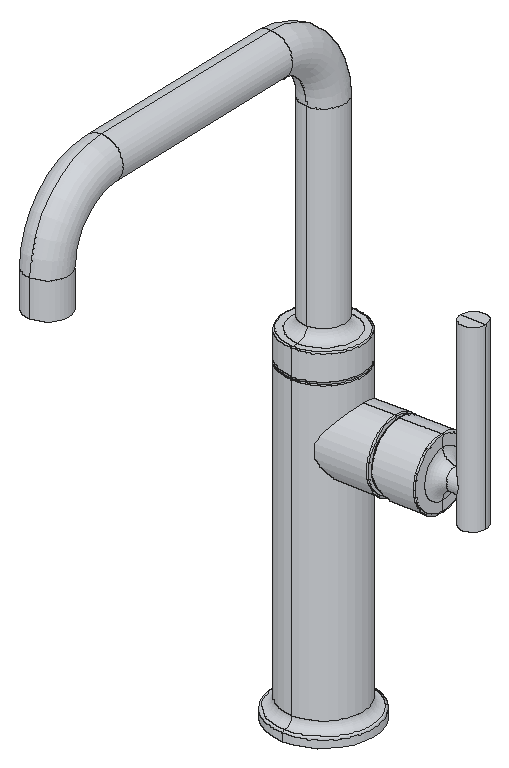
Revit family "Faucet-Kitchen-KOHLER-Purist-K-14598M", category Plumbing Fixtures, host Face, Revit 2017
Family settings
  Host = Face
  Round Connector Dimension = Use Diameter
  Part Type = Normal
  OmniClass Number = 23.31.11.00
  OmniClass Title = Faucets
  Cut with Voids When Loaded = No
  Shared = No
  Room Calculation Point = No
Parameters (values of type "CP-Polished Chrome")
  Width = 2.04724"  # constant formula
  WaterSense Certified = 1 = 0  # no
  Waste Water Outlet = "Waste Water Outlet"  # constant formula
  Waste Connection = 1 = 0  # no
  Vent Connection = 1 = 0  # no
  URL = "https://la.kohler.com/es?country=MX"
  Type = 1
  Spout Reach = 7.00787"  # constant formula
  Product Page URL = "https://la.kohler.com/es/product-detail/14598m-4?skuid=K-14598M-4-CP"
  Product Name = "Purist"  # constant formula
  Product Documentation Link = "http://resources.kohler.com/plumbing/kohlerla/pdf/14598%20Purist%20Spec%20Sheet.pdf"
  Pressure = 0.00 psi
  Model = "K-14598M-4-CP"  # constant formula
  Material = "Premium Metal Construction"  # constant formula
  Master Format 2014 Name = "Residential Faucets, Supplies, and Trim"  # constant formula
  Master Format 2014 = "22 41 39"  # constant formula
  Manufacturer Address = "444 Highland Dr, Kohler, WI 53044"  # constant formula
  Manufacturer = "KOHLER Co."  # constant formula
  Length = Spout Reach  # 7.00787"
  Hot Water Inlet = "Hot Water Inlet"  # constant formula
  Height = 13.0315"  # constant formula
  Handle Clearance = 2.99213"  # constant formula
  HW Connection = 1 = 1  # yes
  Flow Rate = 0 GPM
  Finish = Kohler-Metal-CP-Polished_Chrome
  Environmental Product Declaration = ""
  Drain Included = 1 = 1  # yes
  Description = "Single-Handle Kitchen Dishwasher Faucet with Side Handle"  # constant formula
  Default Elevation = 36"
  Declare Label = ""
  Date Modified = "10/19/2020"  # constant formula
  Date Created = "10/19/2020"  # constant formula
  Copyright = "Copyright KOHLER Co."  # constant formula
  Contact Us = "https://la.kohler.com/es/contact-us-page"
  Cold Water Inlet = "Cold Water Inlet"  # constant formula
  CW Connection = 1 = 1  # yes
  Assembly Code = "D2010"
  ADA Compliant = 1 = 0  # no
Reference planes (in)
  plane 1 "Center (Front/Back)": y = 0
  plane 2: z = 0
  plane 3 "Center (Left/Right)": x = 0
  plane 4: y = -1.02354
  plane 5: y = 1.0237
  plane 6: z = 10.48898
  plane 7: y = -7.00787
  plane 8: x = 3.03543
  plane 9: z = 5.26189
  plane 10: z = 8.25402
  plane 11: x = -0.79861
  plane 12: x = 0.79861
  plane 13: y = 0.71262
  plane 14: y = -0.71262
  plane 15: x = 0.4502
  plane 16: x = -0.4502
  plane 17: z = 13.0315
  plane 18: x = -1.02354
  plane 19: x = 1.0237
  plane 20: z = 4.55323
Dimensions and locks (in)
  "Spout Reach": plane 1 "Center (Front/Back)" to plane 7
  locked: level to plane 6 at 10.48898
  locked: plane 8 to plane 3 "Center (Left/Right)" at 3.03543
  locked: plane 13 to plane 14 at 1.42524
  "Height": plane 17 to level
  "Width": plane 18 to plane 19
  locked: plane 10 to plane 20 at 3.70079
  "Handle Clearance": plane 10 to plane 9
  aligned and locked: plane 2 to host face
  aligned and locked: level to host face
Automatic sketch dimensions
  host sketch curve to host sketch curve = 96"  (x2)
Nested families (in)
  nested 1: "K-14598M" at (0, 0, 0), type "K-14598M"
Connectors (in)
  piping at (0.45024, -0.00284, 0), diameter 0.5, driven by "CW Connection", driven by "Cold Water Inlet"
    settings: on nested 1, index 1, connector inside diameter 24", connector length 0", flow factor 0, pipe flow 0 GPM, pressure drop 0.00 psi, fitting loss kfactor 0, connector angle 0.00°, fixture units 0, engagement length 0", angle of deflection 0.00°, flow configuration 0, flow direction 1, fitting loss method 0, system type 20, joint type 0, gender type 0, connector reference index -1, connector utility 1, adjustable connector no, is connector primary yes, connector description "Cold Water Inlet"
  piping at (-0.45024, -0.00284, 0), diameter 0.5, driven by "HW Connection", driven by "Hot Water Inlet"
    settings: on nested 1, index 2, connector inside diameter 24", connector length 0", flow factor 0, pipe flow 0 GPM, pressure drop 0.00 psi, fitting loss kfactor 0, connector angle 0.00°, fixture units 0, engagement length 0", angle of deflection 0.00°, flow configuration 0, flow direction 1, fitting loss method 0, system type 19, joint type 0, gender type 0, connector reference index -1, connector utility 1, adjustable connector no, is connector primary no, connector description "Hot Water Inlet"
Definition of nested family "K-14598M"
  Parameters (values of type "K-14598M")
    Material = none
  Reference planes (in)
    plane 1 "Center (Front/Back)": y = 0
    plane 2: z = 0
    plane 3 "Center (Left/Right)": x = 0
    plane 4: y = -7
    plane 5: z = 10.48898
    plane 6: y = 1.02354
    plane 7: y = -1.02354
    plane 8: x = 3.03543
    plane 9: z = 8.27559
    plane 10: z = 4.56299
  Forms (in)
    Revolve 1, solid, material <- "Material", detail levels medium+fine
      sketch origin (0, 0, 0) x (0, 1, 0) y (0, 0, 1)
        loop
          line (1.02354, 0) -> (1.02354, 0.14895)
          arc (1.02354, 0.14895) -> (1.01183, 0.17723) -> (0.98355, 0.18894) r 0.03999
          arc (0.98355, 0.18894) -> (0.85323, 0.24292) -> (0.79925, 0.37325) r 0.18431
          line (0.79925, 0.37325) -> (0.79925, 6.4592)
          arc (0.79925, 6.4592) -> (0.79617, 6.47486) -> (0.7874, 6.48819) r 0.04139
          arc (0.7874, 6.48819) -> (0.79616, 6.5028) -> (0.79921, 6.51956) r 0.04758
          line (0.79921, 6.51956) -> (0.79921, 7.03949)
          arc (0.79921, 7.03949) -> (0.79348, 7.05332) -> (0.77964, 7.05906) r 0.01957
          line (0.77964, 7.05906) -> (0.63863, 7.05906)
          arc (0.63863, 7.05906) -> (0.47245, 7.12789) -> (0.40362, 7.29406) r 0.235
          line (0.40362, 7.29406) -> (0, 7.29406) -> (0, 0) -> (1.02354, 0)
        axis (0, 7.29406) -> (0, 0)
      angle from 0 to 360
    Sweep 2, solid, material <- "Material", detail levels medium+fine
      path origin (0, 0, 0) x (0, 1, 0) y (0, 0, 1)
        loop
          line (0, 7.29406) -> (0, 11.2794)
          arc (0, 11.2794) -> (-0.38998, 12.22089) -> (-1.33147, 12.61087) r 1.33147
          line (-1.33147, 12.61087) -> (-5.62205, 12.61087)
          arc (-5.62205, 12.61087) -> (-6.59641, 12.20728) -> (-7, 11.23292) r 1.37795
          line (-7, 11.23292) -> (-7, 10.48898)
      profile origin (0, 0, 9.28673) x (0, -1, 0) y (1, 0, 0)
        loop
          circle (0, 0) r 0.43307
    Revolve 3, solid, material <- "Material", detail levels medium+fine
      sketch origin (0, 0, 0) x (1, 0, 0) y (0, 0, 1)
        loop
          line (0.16804, 5.98031) -> (0.16804, 5.26772) -> (1.77542, 5.26772) -> (1.77542, 5.79839) -> (1.61944, 5.79839)
          arc (1.61944, 5.79839) -> (1.54328, 5.82661) -> (1.50389, 5.89764) r 0.11689
          line (1.50389, 5.89764) -> (1.46457, 5.89764) -> (1.46457, 5.96029)
          arc (1.46457, 5.96029) -> (1.4587, 5.97444) -> (1.44454, 5.98031) r 0.02002
          line (1.44454, 5.98031) -> (0.16804, 5.98031)
        axis (0.16804, 5.26772) -> (1.77542, 5.26772)
      angle from 0 to 360
    Revolve 4, solid, material <- "Material", detail levels medium+fine
      sketch origin (0, 0, 0) x (1, 0, 0) y (0, 0, 1)
        loop
          line (3.03543, 8.27559) -> (2.7742, 8.27559) -> (2.7742, 4.56299) -> (3.03543, 4.56299) -> (3.03543, 8.27559)
        axis (3.03543, 8.27559) -> (3.03543, 4.56299)
      angle from 0 to 360
    Revolve 5, solid, material <- "Material", detail levels medium+fine
      sketch origin (0, 0, 0) x (1, 0, 0) y (0, 0, 1)
        loop
          line (2.14212, 4.51565) -> (2.14212, 4.57741) -> (2.00321, 4.57741)
          arc (2.00321, 4.57741) -> (2.06578, 4.53105) -> (2.14212, 4.51565) r 0.17901
        axis (2.14212, 4.57741) -> (2.14212, 4.51565)
      angle from 0 to 360
    Revolve 6, solid, material <- "Material", detail levels medium+fine
      sketch origin (0, 0, 0) x (0, 1, 0) y (0, 0, 1)
        loop
          line (0.85827, 6.73228) -> (0.85827, 6.91743)
          arc (0.85827, 6.91743) -> (0.84907, 6.93964) -> (0.82687, 6.94883) r 0.0314
          line (0.82687, 6.94883) -> (0.78481, 6.94883) -> (0.78481, 6.73228) -> (0.85827, 6.73228)
        axis (0.85827, 6.73228) -> (0.78481, 6.73228)
      angle from 0 to 360
    Extrusion 7, void
      sketch origin (0, 0, 0) x (1, 0, 0) y (0, 0, 1)
        loop
          arc (1.52773, 5.30563) -> (1.5215, 5.32749) -> (1.5194, 5.35012) r 0.12311
          line (1.5194, 5.35012) -> (1.5194, 6.10072) -> (1.39527, 6.10072) -> (1.39527, 4.32342) -> (1.90846, 4.32342) -> (1.52773, 5.30563)
      from -1.07842 to 1.22786
    Revolve 8, solid, material <- "Material", detail levels medium+fine
      sketch origin (0, 0, 0) x (1, 0, 0) y (0, 0, 1)
        loop
          line (1.53135, 5.26771) -> (2.9378, 5.26771) -> (2.9378, 5.48865) -> (2.67196, 5.48865)
          arc (2.67196, 5.48865) -> (2.4918, 5.56327) -> (2.41718, 5.74343) r 0.25478
          line (2.41718, 5.74343) -> (2.41718, 5.95947)
          arc (2.41718, 5.95947) -> (2.41108, 5.97421) -> (2.39635, 5.98031) r 0.02083
          line (2.39635, 5.98031) -> (1.5519, 5.98031)
          arc (1.5519, 5.98031) -> (1.53737, 5.97429) -> (1.53135, 5.95977) r 0.02054
          line (1.53135, 5.95977) -> (1.53135, 5.26771)
        axis (1.53135, 5.26771) -> (2.9378, 5.26771)
      angle from 0 to 360
    Extrusion 9, solid, material <- "Material"
      sketch origin (0, 0, 0) x (1, 0, 0) y (0, 1, 0)
        loop
          circle (-0.45024, -0.00284) r 0.25
        loop
          circle (0.45024, -0.00284) r 0.25
      from 0 to 0.2172
    Revolve 10, solid, material <- "Material", detail levels coarse
      sketch origin (0, 0, 0) x (0, 1, 0) y (0, 0, 1)
        loop
          line (0, 0) -> (1.02354, 0) -> (1.02354, 0.37009) -> (0.80154, 0.37009) -> (0.80154, 7.29528) -> (0, 7.29528) -> (0, 0)
        axis (0, 7.29528) -> (0, 0)
      angle from 0 to 360
    Sweep 11, solid, material <- "Material", detail levels coarse
      path origin (0, 0, 0) x (0, 1, 0) y (0, 0, 1)
        loop
          line (0, 7.29528) -> (0, 12.60871) -> (-7, 12.60871) -> (-7, 10.48898)
      profile origin (0, 0, 9.95199) x (0, -1, 0) y (1, 0, 0)
        loop
          circle (0, 0) r 0.59055
    Revolve 12, solid, material <- "Material", detail levels coarse
      sketch origin (0, 0, 0) x (1, 0, 0) y (0, 0, 1)
        loop
          line (0.37223, 5.98031) -> (0.37223, 5.26189) -> (3.03543, 5.26189) -> (3.03543, 5.48957) -> (2.42156, 5.48957) -> (2.42156, 5.98031) -> (1.53135, 5.98031) -> (1.53135, 5.8943) -> (1.46237, 5.8943) -> (1.46237, 5.98031) -> (0.37223, 5.98031)
        axis (0.37223, 5.26189) -> (3.03543, 5.26189)
      angle from 0 to 360
    Revolve 13, solid, material <- "Material", detail levels coarse
      sketch origin (0, 0, 0) x (1, 0, 0) y (0, 0, 1)
        loop
          line (3.03543, 4.56299) -> (3.03543, 8.27559) -> (2.64173, 8.27559) -> (2.64173, 4.56299) -> (3.03543, 4.56299)
        axis (3.03543, 8.27559) -> (3.03543, 4.56299)
      angle from 0 to 360
  Cuts and joins
    Extrusion 7 cuts Revolve 8
    joined: Revolve 1, Sweep 2, Revolve 3, Revolve 4, Revolve 5, Revolve 8
    joined: Revolve 10, Sweep 11, Revolve 12, Revolve 13
  Lines and regions (in)
    Masking region 1
      outline origin (0, 0, 0) x (0, 1, 0) y (0, 0, 1)
        loop
          line (1.02354, 0) -> (1.02354, 0.1507)
          arc (1.02354, 0.1507) -> (1.00933, 0.17945) -> (0.97884, 0.18939) r 0.04135
          arc (0.97884, 0.18939) -> (0.84698, 0.24913) -> (0.79923, 0.38578) r 0.18387
          line (0.79923, 0.38578) -> (0.79923, 6.45655)
          arc (0.79923, 6.45655) -> (0.79617, 6.47344) -> (0.7874, 6.48819) r 0.04823
          arc (0.7874, 6.48819) -> (0.79561, 6.50132) -> (0.8012, 6.51577) r 0.08148
          line (0.8012, 6.51577) -> (0.83287, 6.51577)
          arc (0.83287, 6.51577) -> (0.85217, 6.52868) -> (0.8583, 6.55108) r 0.03323
          line (0.8583, 6.55108) -> (0.8583, 6.91414)
          arc (0.8583, 6.91414) -> (0.85131, 6.93729) -> (0.83006, 6.94884) r 0.03183
          line (0.83006, 6.94884) -> (0.79918, 6.94884) -> (0.79918, 7.03919)
          arc (0.79918, 7.03919) -> (0.79336, 7.05324) -> (0.77932, 7.05906) r 0.01986
          line (0.77932, 7.05906) -> (0.63759, 7.05906)
          arc (0.63759, 7.05906) -> (0.47289, 7.12728) -> (0.40467, 7.29198) r 0.23293
          line (0.40467, 7.29198) -> (0.40467, 11.2785)
          arc (0.40467, 11.2785) -> (-0.10372, 12.50584) -> (-1.33106, 13.01422) r 1.73572
          line (-1.33106, 13.01422) -> (-5.63197, 13.01422)
          arc (-5.63197, 13.01422) -> (-6.88472, 12.49531) -> (-7.40362, 11.24257) r 1.77165
          line (-7.40362, 11.24257) -> (-7.40362, 10.48898) -> (-6.59638, 10.48898) -> (-6.59638, 11.22396)
          arc (-6.59638, 11.22396) -> (-6.3081, 11.91993) -> (-5.61213, 12.20821) r 0.98425
          line (-5.61213, 12.20821) -> (-1.38892, 12.20821)
          arc (-1.38892, 12.20821) -> (-0.69295, 11.91993) -> (-0.40467, 11.22396) r 0.98425
          line (-0.40467, 11.22396) -> (-0.40467, 7.29198)
          arc (-0.40467, 7.29198) -> (-0.47289, 7.12728) -> (-0.63759, 7.05906) r 0.23293
          line (-0.63759, 7.05906) -> (-0.77932, 7.05906)
          arc (-0.77932, 7.05906) -> (-0.79336, 7.05324) -> (-0.79918, 7.03919) r 0.01986
          line (-0.79918, 7.03919) -> (-0.79918, 6.52315)
          arc (-0.79918, 6.52315) -> (-0.79692, 6.50445) -> (-0.7874, 6.48819) r 0.04635
          arc (-0.7874, 6.48819) -> (-0.79617, 6.47344) -> (-0.79923, 6.45655) r 0.04823
          line (-0.79923, 6.45655) -> (-0.79923, 0.38578)
          arc (-0.79923, 0.38578) -> (-0.84698, 0.24913) -> (-0.97884, 0.18939) r 0.18387
          arc (-0.97884, 0.18939) -> (-1.00933, 0.17945) -> (-1.02354, 0.1507) r 0.04135
          line (-1.02354, 0.1507) -> (-1.02354, 0) -> (1.02354, 0)
    Masking region 2
      outline origin (0, 0, 0) x (1, 0, 0) y (0, 1, 0)
        loop
          line (0.40406, -6.99797) -> (0.40406, -0.94041)
          arc (0.40406, -0.94041) -> (0.58073, -0.84284) -> (0.73482, -0.71251) r 1.02354
          line (0.73482, -0.71251) -> (1.44411, -0.71251)
          arc (1.44411, -0.71251) -> (1.45857, -0.70652) -> (1.46455, -0.69207) r 0.02044
          line (1.46455, -0.69207) -> (1.46455, -0.62992) -> (1.50389, -0.62992)
          arc (1.50389, -0.62992) -> (1.51337, -0.59802) -> (1.53135, -0.57001) r 0.11856
          line (1.53135, -0.57001) -> (1.53135, -0.69253)
          arc (1.53135, -0.69253) -> (1.5372, -0.70666) -> (1.55133, -0.71251) r 0.01998
          line (1.55133, -0.71251) -> (2.39598, -0.71251)
          arc (2.39598, -0.71251) -> (2.41098, -0.7063) -> (2.41719, -0.6913) r 0.02121
          line (2.41719, -0.6913) -> (2.41719, -0.47533)
          arc (2.41719, -0.47533) -> (2.4917, -0.29546) -> (2.67157, -0.22095) r 0.25438
          line (2.67157, -0.22095) -> (2.89889, -0.22095)
          arc (2.89889, -0.22095) -> (3.29667, 0) -> (2.89889, 0.22095) r 0.26026
          line (2.89889, 0.22095) -> (2.67157, 0.22095)
          arc (2.67157, 0.22095) -> (2.4917, 0.29546) -> (2.41719, 0.47533) r 0.25438
          line (2.41719, 0.47533) -> (2.41719, 0.6913)
          arc (2.41719, 0.6913) -> (2.41098, 0.7063) -> (2.39598, 0.71251) r 0.02121
          line (2.39598, 0.71251) -> (1.55133, 0.71251)
          arc (1.55133, 0.71251) -> (1.5372, 0.70666) -> (1.53135, 0.69253) r 0.01998
          line (1.53135, 0.69253) -> (1.53135, 0.57001)
          arc (1.53135, 0.57001) -> (1.51337, 0.59802) -> (1.50389, 0.62992) r 0.11856
          line (1.50389, 0.62992) -> (1.46455, 0.62992) -> (1.46455, 0.69207)
          arc (1.46455, 0.69207) -> (1.45857, 0.70652) -> (1.44411, 0.71251) r 0.02044
          line (1.44411, 0.71251) -> (0.73482, 0.71251)
          arc (0.73482, 0.71251) -> (-0.84284, 0.58073) -> (-0.40406, -0.94041) r 1.02354
          line (-0.40406, -0.94041) -> (-0.40406, -6.99797)
          arc (-0.40406, -6.99797) -> (0, -7.40203) -> (0.40406, -6.99797) r 0.40406
    Masking region 3
      outline origin (0, 0, 0) x (1, 0, 0) y (0, 0, 1)
        loop
          line (-1.02354, 0) -> (1.02354, 0) -> (1.02354, 0.1507)
          arc (1.02354, 0.1507) -> (1.00933, 0.17945) -> (0.97884, 0.18939) r 0.04135
          arc (0.97884, 0.18939) -> (0.84698, 0.24913) -> (0.79923, 0.38578) r 0.18387
          line (0.79923, 0.38578) -> (0.79923, 4.55512) -> (1.44365, 4.55512)
          arc (1.44365, 4.55512) -> (1.45844, 4.56125) -> (1.46457, 4.57605) r 0.02092
          line (1.46457, 4.57605) -> (1.46457, 4.6378) -> (1.50389, 4.6378)
          arc (1.50389, 4.6378) -> (1.51387, 4.66913) -> (1.53135, 4.69699) r 0.13066
          arc (1.53135, 4.69699) -> (1.57569, 4.72616) -> (1.62776, 4.73639) r 0.13765
          line (1.62776, 4.73639) -> (1.74838, 4.73639) -> (1.81865, 4.55512) -> (2.02633, 4.55512)
          arc (2.02633, 4.55512) -> (2.14212, 4.51265) -> (2.25791, 4.55512) r 0.17907
          line (2.25791, 4.55512) -> (2.39676, 4.55512)
          arc (2.39676, 4.55512) -> (2.41128, 4.56114) -> (2.41729, 4.57566) r 0.02053
          line (2.41729, 4.57566) -> (2.41729, 4.79958)
          arc (2.41729, 4.79958) -> (2.48813, 4.97244) -> (2.65991, 5.04586) r 0.24631
          line (2.65991, 5.04586) -> (2.7742, 5.04586) -> (2.7742, 4.56299) -> (3.29667, 4.56299) -> (3.29667, 8.27559) -> (2.7742, 8.27559) -> (2.7742, 5.48957) -> (2.65991, 5.48957)
          arc (2.65991, 5.48957) -> (2.48813, 5.563) -> (2.41729, 5.73585) r 0.24631
          line (2.41729, 5.73585) -> (2.41729, 5.95978)
          arc (2.41729, 5.95978) -> (2.41128, 5.97429) -> (2.39676, 5.98031) r 0.02053
          line (2.39676, 5.98031) -> (1.55092, 5.98031)
          arc (1.55092, 5.98031) -> (1.53708, 5.97458) -> (1.53135, 5.96074) r 0.01957
          line (1.53135, 5.96074) -> (1.53135, 5.83844)
          arc (1.53135, 5.83844) -> (1.51387, 5.8663) -> (1.50389, 5.89764) r 0.13066
          line (1.50389, 5.89764) -> (1.46457, 5.89764) -> (1.46457, 5.95939)
          arc (1.46457, 5.95939) -> (1.45844, 5.97418) -> (1.44365, 5.98031) r 0.02092
          line (1.44365, 5.98031) -> (0.79923, 5.98031) -> (0.79923, 6.45655)
          arc (0.79923, 6.45655) -> (0.79617, 6.47344) -> (0.7874, 6.48819) r 0.04823
          arc (0.7874, 6.48819) -> (0.79692, 6.50445) -> (0.79918, 6.52315) r 0.04635
          line (0.79918, 6.52315) -> (0.79918, 7.03919)
          arc (0.79918, 7.03919) -> (0.79336, 7.05324) -> (0.77932, 7.05906) r 0.01986
          line (0.77932, 7.05906) -> (0.63625, 7.05906)
          arc (0.63625, 7.05906) -> (0.47164, 7.12724) -> (0.40345, 7.29185) r 0.23279
          line (0.40345, 7.29185) -> (0.40345, 12.61443)
          arc (0.40345, 12.61443) -> (0, 13.01789) -> (-0.40345, 12.61443) r 0.40345
          line (-0.40345, 12.61443) -> (-0.40345, 7.29185)
          arc (-0.40345, 7.29185) -> (-0.47164, 7.12724) -> (-0.63625, 7.05906) r 0.23279
          line (-0.63625, 7.05906) -> (-0.77932, 7.05906)
          arc (-0.77932, 7.05906) -> (-0.79336, 7.05324) -> (-0.79918, 7.03919) r 0.01986
          line (-0.79918, 7.03919) -> (-0.8012, 6.51577)
          arc (-0.8012, 6.51577) -> (-0.79561, 6.50132) -> (-0.7874, 6.48819) r 0.08148
          arc (-0.7874, 6.48819) -> (-0.79617, 6.47344) -> (-0.79923, 6.45655) r 0.04823
          line (-0.79923, 6.45655) -> (-0.79923, 0.38578)
          arc (-0.79923, 0.38578) -> (-0.84698, 0.24913) -> (-0.97884, 0.18939) r 0.18387
          arc (-0.97884, 0.18939) -> (-1.00933, 0.17945) -> (-1.02354, 0.1507) r 0.04135
          line (-1.02354, 0.1507) -> (-1.02354, 0)
    symbolic lines, detail levels medium+fine
      curve 1: line (0, 0.98043, 0.18908) -> (0, -0.98221, 0.18908)
      curve 2: line (0, 0.7874, 6.48819) -> (0, -0.7874, 6.48819)
      curve 3: line (0, 0.63616, 7.05776) -> (0, -0.6412, 7.05776)
      curve 4: line (0, 0.80119, 6.51574) -> (0, -0.79938, 6.51574)
      curve 5: line (0, 0.79898, 6.46064) -> (0, -0.79938, 6.46064)
      curve 6: line (0, -1.02354, 0.14972) -> (0, 1.02354, 0.14972)
      curve 7: line (0, 0.80154, 0.37009) -> (0, -0.79678, 0.37009)
      curve 8: line (0, 0.40354, 7.29528) -> (0, -0.40354, 7.29528)
      curve 9: line (-0.1845, 0.85808, 0) -> (0.18661, 0.85808, 0)
      curve 10: line (-0.21661, 0.78435, 0) -> (-0.21661, 0.82596, 0)
      curve 11: arc (-0.21661, 0.82596, 0) -> (-0.20721, 0.84867, 0) -> (-0.1845, 0.85808, 0) r 0.03212
      curve 12: line (-0.21661, 0.78435, 0) -> (-0.15273, 0.78435, 0)
      curve 13: line (0.21661, 0.78435, 0) -> (0.21661, 0.82808, 0)
      curve 14: line (0.21661, 0.78435, 0) -> (0.15226, 0.78435, 0)
      curve 15: arc (0.18661, 0.85808, 0) -> (0.20783, 0.84929, 0) -> (0.21661, 0.82808, 0) r 0.03
      curve 16: arc (0.40446, -0.68935, 0) -> (-0.00051, 0.79903, 0) -> (-0.40446, -0.68963, 0) r 0.79921
      curve 17: line (0.73352, 0.71332, 0) -> (0.35986, 0.71332, 0)
      curve 18: line (0.73352, -0.71332, 0) -> (0.40446, -0.71332, 0)
      curve 19: line (1.50389, 0.62992, 0) -> (1.50389, -0.62992, 0)
      curve 20: line (1.53135, 0.57001, 0) -> (1.53135, -0.57001, 0)
      curve 21: line (1.46457, -0.62992, 0) -> (1.46457, 0.62992, 0)
      curve 22: line (2.41639, 0.47452, 0) -> (2.41639, -0.50974, 0)
      curve 23: arc (2.89526, -0.22045, 0) -> (2.7742, -0.00169, 0) -> (2.89243, 0.21862, 0) r 0.26124
      curve 24: line (-0.40446, -0.93916, 0) -> (-0.40446, 0, 0)
      curve 25: line (0.40446, -0.93916, 0) -> (0.40446, 0, 0)
      curve 26: arc (-0.40446, 0, 0) -> (0, 0.40446, 0) -> (0.40446, 0, 0) r 0.40446
      curve 27: line (-0.65616, 0, 7.05911) -> (0.62755, 0, 7.05911)
      curve 28: line (-0.7874, 0, 6.48819) -> (0.7874, 0, 6.48819)
      curve 29: line (1.46457, 0, 5.89764) -> (1.46457, 0, 4.6378)
      curve 30: line (1.50389, 0, 4.6378) -> (1.50389, 0, 5.89764)
      curve 31: line (1.53111, 0, 5.2969) -> (1.53111, 0, 5.83816)
      curve 32: line (1.53111, 0, 5.2969) -> (1.74835, 0, 4.73648)
      curve 33: arc (2.02633, 0, 4.55512) -> (2.14212, 0, 4.56716) -> (2.25791, 0, 4.55512) r 0.56282
      curve 34: line (2.7742, 0, 5.48865) -> (2.7742, 0, 5.04678)
      curve 35: line (2.4183, 0, 5.72737) -> (2.4183, 0, 4.79641)
      curve 36: line (-0.79406, 0, 0.37012) -> (0.79822, 0, 0.37012)
      curve 37: line (-0.97173, 0, 0.18898) -> (0.98021, 0, 0.18898)
      curve 38: line (-1.02303, 0, 0.14966) -> (1.02347, 0, 0.14966)
      curve 39: line (-0.39827, 0, 7.29473) -> (0.40407, 0, 7.29473)
      curve 40: line (-0.79938, 0, 6.51709) -> (0.79958, 0, 6.51709)
      curve 41: line (-0.79938, 0, 6.45929) -> (0.79958, 0, 6.45929)
      curve 42: line (0, 0.80119, 6.51574) -> (0, 0.79918, 6.94884)
      curve 43: arc (0.47028, 0, 5.56848) -> (0.39329, 0, 5.43891) -> (0.3665, 0, 5.29061) r 0.42391
      curve 44: arc (0.72169, 0, 5.89764) -> (0.60114, 0, 5.72912) -> (0.47028, 0, 5.56848) r 3.31163
      curve 45: arc (0.80154, 0, 5.98031) -> (0.75792, 0, 5.94254) -> (0.72169, 0, 5.89764) r 0.32398
      curve 46: arc (0.47028, 0, 5.01273) -> (0.39329, 0, 5.1423) -> (0.3665, 0, 5.29061) r 0.42391
      curve 47: arc (0.72169, 0, 4.68357) -> (0.60114, 0, 4.85209) -> (0.47028, 0, 5.01273) r 3.31163
      curve 48: arc (0.79923, 0, 4.55512) -> (0.76196, 0, 4.62025) -> (0.72169, 0, 4.68357) r 1.60942
      curve 49: line (-0.40345, 0, 10.48898) -> (0.40345, 0, 10.48898)
      curve 50: arc (0.70084, 0.71332, 0) -> (-1, 0, 0) -> (0.70084, -0.71332, 0) r 1
  Dimensions and locks (in)
    locked: plane 1 "Center (Front/Back)" to plane 4 at 7
    locked: level to plane 5 at 10.48898
    locked: plane 6 to plane 7 at 2.04708
    locked: plane 8 to plane 3 "Center (Left/Right)" at 3.03543
    locked: plane 9 to plane 10 at 3.7126
    aligned and locked: plane 2 to level
